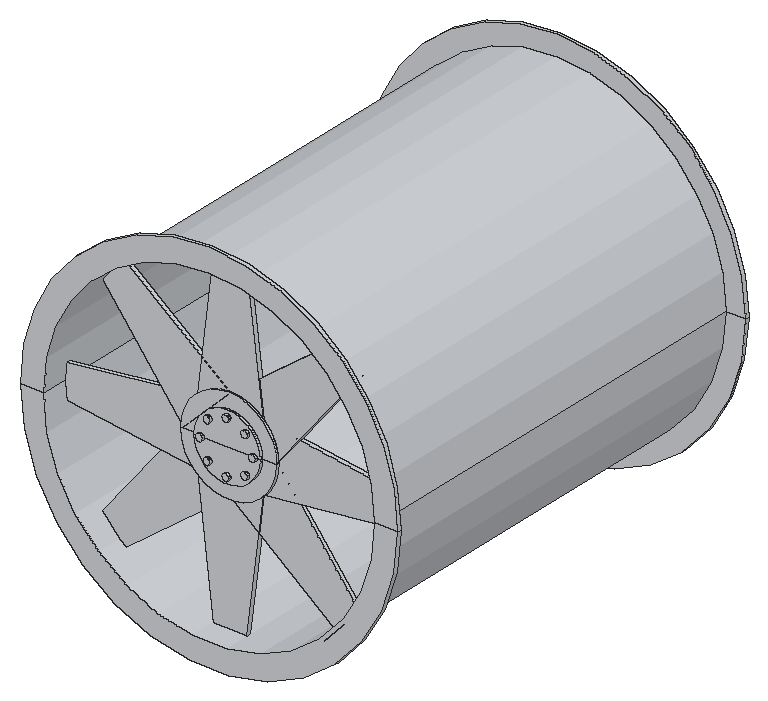
Revit family "CADS_Vent-Axia_MechEquip_Fan_BIFA_500_3Ph2P - SUPPLY", category Mechanical Equipment, Revit 2020
Family settings
  Round Connector Dimension = Use Diameter
  Part Type = Normal
  OmniClass Number = 23.75.00.00
  OmniClass Title = Climate Control (HVAC)
  Work Plane-Based = No
  Always vertical = Yes
  Cut with Voids When Loaded = No
  Shared = No
  Room Calculation Point = No
Parameters (values of type "BIFA503240")
  WorkingPressure = 0.0 Pa
  WarrantyStartDate [instance] = "1900-12-31T23:59:59"
  WarrantyPeriod = ""
  WarrantyIdentifier = "N/A"
  WarrantyGuarantorParts = "tech@vent-axia.com"
  WarrantyGuarantorLabor = "tech@vent-axia.com"
  WarrantyGuarantor = "Vent-Axia Limited"
  WarrantyEndDate [instance] = "1900-12-31T23:59:59"
  WarrantyContent = ""
  TemperatureRange = ""
  TagNumber [instance] = "N/A"
  SustainabilityPerformance = ""
  Status = "New"
  Size = ""
  Shape = ""
  ServiceLifeType = ""
  ServiceLifeDuration = ""
  SerialNumber [instance] = "N/A"
  ReplacementCost = ""
  RatedVoltage = 0 V
  RatedCurrent = 0 A
  Quantity = 1
  ProductionYear = ""
  PressureCurve = ""
  PowerFactor = ""
  PointOfContact = ""
  NumberOfPoles = 0
  NominalWidth = 500 mm
  NominalLength = 660 mm
  NominalHeight = 500 mm
  NominalFrequencyRange = ""
  NominalDiameter = 500 mm
  ModelReference = "BIF 500MM 3PH 2P 40DEG"
  ModelNumber = "BIFA503240"
  Material = ""
  ManufacturerE-Mail = "tech@vent-axia.com"
  ManufacturerAddress = "Fleming Way\nCrawley \nRH10 9YX"
  IsExtendedWarranty = no
  InsulationStandardClass = ""
  InstallationDate [instance] = "1900-12-31T23:59:59"
  IfcExportType [instance] = ""
  IfcExportAs = "IfcFanType"
  IP_Code = ""
  HasProtectiveEarth = no
  GrossWeight = 0.00 kg
  Grade = ""
  GlobalTradeItemNumber [instance] = "N/A"
  Fitting Type = "Ignore"
  Finish = ""
  Features = ""
  ExteriorInsulation = no
  ExpectedServiceLife = 0
  Exclusions = ""
  DurationUnit = "Year"
  Default Elevation = 0 mm
  Constituents = ""
  ConductorFunction = ""
  Color = ""
  CodePerformance = ""
  Category = ""
  CADS_Usage = 0
  CADS_Index = 0
  AssetType = "FIXED"
  AssetIdentifier [instance] = "N/A"
  AssemblyPlace = "UNKNOWN"
  ArticleNumber [instance] = "N/A"
  AirflowRateRange = 0.0 L/s
  Air Flow [instance] = 0.0 L/s
  AccessibilityPerformance = ""
Types (15, lengths in mm): name | ModelReference | ModelNumber
  BIFA503210 | "BIF 500MM 3PH 2P 10DEG" | "BIFA503210"
  BIFA503212 | "BIF 500MM 3PH 2P 12DEG" | "BIFA503212"
  BIFA503214 | "BIF 500MM 3PH 2P 14DEG" | "BIFA503214"
  BIFA503218 | "BIF 500MM 3PH 2P 18DEG" | "BIFA503218"
  BIFA503220 | "BIF 500MM 3PH 2P 20DEG" | "BIFA503220"
  BIFA503222 | "BIF 500MM 3PH 2P 22DEG" | "BIFA503222"
  BIFA503224 | "BIF 500MM 3PH 2P 24DEG" | "BIFA503224"
  BIFA503226 | "BIF 500MM 3PH 2P 26DEG" | "BIFA503226"
  BIFA503228 | "BIF 500MM 3PH 2P 28DEG" | "BIFA503228"
  BIFA503230 | "BIF 500MM 3PH 2P 30DEG" | "BIFA503230"
  BIFA503232 | "BIF 500MM 3PH 2P 32DEG" | "BIFA503232"
  BIFA503234 | "BIF 500MM 3PH 2P 34DEG" | "BIFA503234"
  BIFA503236 | "BIF 500MM 3PH 2P 36DEG" | "BIFA503236"
  BIFA503238 | "BIF 500MM 3PH 2P 38DEG" | "BIFA503238"
  BIFA503240 | "BIF 500MM 3PH 2P 40DEG" | "BIFA503240"
Reference planes
  plane 1 "Center (Front/Back)": y = 0
  plane 2: z = 0
  plane 3 "Center (Left/Right)": x = 0
  plane 4: x = -250
  plane 5: x = 250
  plane 6 "F": y = -330
  plane 7 "B": y = 330
  plane 8: x = -285
  plane 9: y = 325
  plane 10: y = -325
  plane 11: x = -255
  plane 12: y = -290
Forms (mm)
  Revolve 1, solid
    sketch origin (0, 0, 0) x (1, 0, 0) y (0, 1, 0)
      loop
        line (-285, -330) -> (-250, -330) -> (-250, 330) -> (-285, 330) -> (-285, 325) -> (-255, 325) -> (-255, -325) -> (-285, -325) -> (-285, -330)
      axis (0, 330) -> (0, -330)
    angle from 0 to 360
Dimensions and locks
  equal spacing: plane 4, plane 3 "Center (Left/Right)", plane 5
  equal spacing: plane 7 "B", plane 1 "Center (Front/Back)", plane 6 "F"
  "NominalLength": plane 7 "B" to plane 6 "F"
  "NominalDiameter": plane 4 to plane 5
  locked: plane 11 to plane 4 at 5
  locked: plane 8 to plane 11 at 30
  locked: plane 6 "F" to plane 10 at 5
  locked: plane 7 "B" to plane 9 at 5
  locked: plane 6 "F" to plane 12 at 40
  aligned and locked: level to plane 2
  aligned and locked: nested 1 to plane 12
Automatic sketch dimensions
  plane 6 "F" to Revolve 1 sketch curve = 0 mm
  Revolve 1 sketch curve to plane 8 = 0 mm  (x2)
  plane 10 to Revolve 1 sketch curve = 0 mm
  Revolve 1 sketch curve to plane 11 = 0 mm
  Revolve 1 sketch curve to plane 4 = 0 mm
  Revolve 1 sketch curve to plane 3 "Center (Left/Right)" = 0 mm
  plane 1 "Center (Front/Back)" to Revolve 1 sketch curve = 0 mm
  Revolve 1 sketch curve to plane 9 = 0 mm
  Revolve 1 sketch curve to plane 7 "B" = 0 mm
  plane 6 "F" to Revolve 1 sketch curve = 115 mm
Nested families
  nested 1: "Fan for BIFA" at (0, -290, 0), ND <- "NominalDiameter", type "Fan for BIFA"
    with hub 50 mm, ND 500 mm, BoltPCD 40 mm, Bolt Count 8, B_Diam 10 mm
  nested 2: "Bolts" at (0, -299.172, -40) x (-1, 0, 0) z (0, 1, 0), type "Bolts"
    with bd 10 mm
  nested 3: "Bolts" at (-28.284, -299.172, -28.284) x (-0.7071, 0, 0.7071) z (0, 1, 0), type "Bolts"
    with bd 10 mm
  nested 4: "Bolts" at (-40, -299.172, 0) x (0, 0, 1) z (0, 1, 0), type "Bolts"
    with bd 10 mm
  nested 5: "Bolts" at (-28.284, -299.172, 28.284) x (0.7071, 0, 0.7071) z (0, 1, 0), type "Bolts"
    with bd 10 mm
  nested 6: "Bolts" at (28.284, -299.172, 28.284) x (0.7071, 0, -0.7071) z (0, 1, 0), type "Bolts"
    with bd 10 mm
  nested 7: "Bolts" at (0, -299.172, 40) x (1, 0, 0) z (0, 1, 0), type "Bolts"
    with bd 10 mm
  nested 8: "BIFA Blade" at (0, -290, 0), type "BIFA Blade"
    with a 20.00°, HR 50 mm, HD 100 mm, BT 50 mm, BR 200 mm, BH 40 mm, BD 500 mm, BB 100 mm
  nested 9: "BIFA Blade" at (0, -290, 0) x (0.7071, 0, -0.7071) z (0.7071, 0, 0.7071), type "BIFA Blade"
    with a 20.00°, HR 50 mm, HD 100 mm, BT 50 mm, BR 200 mm, BH 40 mm, BD 500 mm, BB 100 mm
  nested 10: "BIFA Blade" at (0, -290, 0) x (0, 0, -1) z (1, 0, 0), type "BIFA Blade"
    with a 20.00°, HR 50 mm, HD 100 mm, BT 50 mm, BR 200 mm, BH 40 mm, BD 500 mm, BB 100 mm
  nested 11: "BIFA Blade" at (0, -290, 0) x (-0.7071, 0, -0.7071) z (0.7071, 0, -0.7071), type "BIFA Blade"
    with a 20.00°, HR 50 mm, HD 100 mm, BT 50 mm, BR 200 mm, BH 40 mm, BD 500 mm, BB 100 mm
  nested 12: "BIFA Blade" at (0, -290, 0) x (-1, 0, 0) z (0, 0, -1), type "BIFA Blade"
    with a 20.00°, HR 50 mm, HD 100 mm, BT 50 mm, BR 200 mm, BH 40 mm, BD 500 mm, BB 100 mm
  nested 13: "BIFA Blade" at (0, -290, 0) x (-0.7071, 0, -0.7071) z (-0.7071, 0, 0.7071), type "BIFA Blade"
    with a 20.00°, HR 50 mm, HD 100 mm, BT 50 mm, BR 200 mm, BH 40 mm, BD 500 mm, BB 100 mm
  nested 14: "BIFA Blade" at (0, -290, 0) x (0, 0, -1) z (-1, 0, 0), type "BIFA Blade"
    with a 20.00°, HR 50 mm, HD 100 mm, BT 50 mm, BR 200 mm, BH 40 mm, BD 500 mm, BB 100 mm
  nested 15: "BIFA Blade" at (0, -290, 0) x (0.7071, 0, -0.7071) z (-0.7071, 0, -0.7071), type "BIFA Blade"
    with a 20.00°, HR 50 mm, HD 100 mm, BT 50 mm, BR 200 mm, BH 40 mm, BD 500 mm, BB 100 mm
  nested 16: "Bolts" at (40, -299.172, 0) x (0, 0, -1) z (0, 1, 0), type "Bolts"
    with bd 10 mm
  nested 17: "Bolts" at (28.284, -299.172, -28.284) x (-0.7071, 0, -0.7071) z (0, 1, 0), type "Bolts"
    with bd 10 mm
Connectors
  hvac at (0, -330, 0), driven by "NominalDiameter", driven by "Air Flow"
    settings: on Revolve 1, index 1, duct flow 0.0 L/s, flow factor 0, pres drop 0.0 Pa, loss coef 0, conn angle 0.00°, conn width 304.8 mm, conn height 304.8 mm, conn diameter 500 mm, duct sys type 1, conn prof type 0, flow config 1, flow direction 1, loss method 0, conn ref index -1, conn util no, is conn primary yes, conn desc ""
  hvac at (0, 330, 0), driven by "NominalDiameter", driven by "Air Flow"
    settings: on Revolve 1, index 2, duct flow 0.0 L/s, flow factor 0, pres drop 0.0 Pa, loss coef 0, conn angle 0.00°, conn width 304.8 mm, conn height 304.8 mm, conn diameter 500 mm, duct sys type 1, conn prof type 0, flow config 0, flow direction 2, loss method 0, conn ref index -1, conn util no, is conn primary no, conn desc ""
Definition of nested family "Fan for BIFA"
  Parameters (values of type "Fan for BIFA")
    hub [instance] = ND / 10  # 50 mm
    ND [instance] = 500 mm
    Model = "."
    Default Elevation = 0 mm
    BoltPCD [instance] = hub - (hub * 0.2)  # 40 mm
    Bolt Count [instance] = if(hub < 50 mm, 6, 8)  # 8
    B_Diam [instance] = if(hub < 50 mm, 5 mm, 10 mm)  # 10 mm
  Reference planes
    plane 1 "Center (Front/Back)": y = 0
    plane 2: z = 0
    plane 3 "Center (Left/Right)": x = 0
    plane 4 "back": y = 20
    plane 5 "bolts": y = -9.172
    plane 6 "B": z = 50
    plane 7: x = -72.587
    plane 8: x = -50
    plane 9 "hubface": y = -6.172
  Forms (mm)
    Revolve 1, solid
      sketch origin (0, 0, 0) x (1, 0, 0) y (0, 1, 0)
        loop
          line (0, 20) -> (-50, 20) -> (-50, 10.504) -> (-72.587, 10.504) -> (-72.587, -2.597) -> (-50, -2.597) -> (-50, -6.172) -> (0, -6.172) -> (0, 20)
        axis (0, 20) -> (0, -6.172)
      angle from 0 to 360
    Extrusion 2, solid, not visible
      sketch origin (0, -6.347, -4) x (-1, 0, 0) y (0, 0, 1)
        loop
          circle (0, 84) r 5
      from 0 to 3
  Lines and regions (mm)
    symbolic lines
      curve 1: circle (0, -9.172, 0) r 40 normal (0, 1, 0)
    model lines, not visible
      curve 2: line (0, -6.347, 85) -> (0, -6.347, 75)
  Dimensions and locks
    "hub": plane 6 "B" to plane 2
    "hub": nested 3 to plane 3 "Center (Left/Right)"
    "hub": nested 4 to plane 3 "Center (Left/Right)"
    "hub": nested 5 to plane 3 "Center (Left/Right)"
    "hub": plane 3 "Center (Left/Right)" to nested 6
    "hub": Revolve 1 sketch curve to Revolve 1 sketch curve
    "hub": plane 3 "Center (Left/Right)" to nested 7
    "hub": plane 3 "Center (Left/Right)" to nested 8
    "hub": plane 3 "Center (Left/Right)" to nested 9
    "hub": plane 8 to plane 3 "Center (Left/Right)"
    plane 7 to plane 8 = 22.587 mm
    diameter of Extrusion 2 sketch curve = 10 mm
    "BoltPCD": radius of curve 1
    "BoltPCD": radius of radial array
    aligned and locked: level to plane 2
    aligned and locked: plane 6 "B" to nested 1
  Automatic sketch dimensions
    Revolve 1 sketch curve to plane 7 = 0 mm
    Revolve 1 sketch curve to plane 8 = 0 mm  (x2)
    Revolve 1 sketch curve to plane 3 "Center (Left/Right)" = 0 mm
    Revolve 1 sketch curve to plane 9 "hubface" = 0 mm
    plane 4 "back" to Revolve 1 sketch curve = 0 mm
    plane 1 "Center (Front/Back)" to Revolve 1 sketch curve = 2.597 mm
    plane 4 "back" to Revolve 1 sketch curve = 9.496 mm
    plane 4 "back" to Revolve 1 sketch curve = 5 mm
    Revolve 1 sketch curve to Revolve 1 sketch curve = 45 mm
    curve 1 to level = 0 mm
    curve 1 to plane 3 "Center (Left/Right)" = 0 mm
  Nested families
    nested 1: "BIFA Blade" at (0, 0, 25), BD <- "ND", HD <- "hub", type "BIFA Blade"
      with a 20.00°, HR 25 mm, HD 50 mm, BT 25 mm, BR 100 mm, BH 40 mm, BD 250 mm, BB 50 mm
    nested 2: "BIFA Blade" at (0, 0, 55), BD <- "ND", HD <- "hub", type "BIFA Blade", not visible
      with a 20.00°, HR 25 mm, HD 50 mm, BT 25 mm, BR 100 mm, BH 40 mm, BD 250 mm, BB 50 mm
    nested 3: "BIFA Blade" at (17.678, 0, 17.678) x (0.7071, 0, -0.7071) z (0.7071, 0, 0.7071), BD <- "ND", HD <- "hub", type "BIFA Blade"
      with a 20.00°, HR 25 mm, HD 50 mm, BT 25 mm, BR 100 mm, BH 40 mm, BD 250 mm, BB 50 mm
    nested 4: "BIFA Blade" at (25, 0, 0) x (0, 0, -1) z (1, 0, 0), BD <- "ND", HD <- "hub", type "BIFA Blade"
      with a 20.00°, HR 25 mm, HD 50 mm, BT 25 mm, BR 100 mm, BH 40 mm, BD 250 mm, BB 50 mm
    nested 5: "BIFA Blade" at (17.678, 0, -17.678) x (-0.7071, 0, -0.7071) z (0.7071, 0, -0.7071), BD <- "ND", HD <- "hub", type "BIFA Blade"
      with a 20.00°, HR 25 mm, HD 50 mm, BT 25 mm, BR 100 mm, BH 40 mm, BD 250 mm, BB 50 mm
    nested 6: "BIFA Blade" at (0, 0, -25) x (-1, 0, 0) z (0, 0, -1), BD <- "ND", HD <- "hub", type "BIFA Blade"
      with a 20.00°, HR 25 mm, HD 50 mm, BT 25 mm, BR 100 mm, BH 40 mm, BD 250 mm, BB 50 mm
    nested 7: "BIFA Blade" at (-17.678, 0, 17.678) x (-0.7071, 0, -0.7071) z (-0.7071, 0, 0.7071), BD <- "ND", HD <- "hub", type "BIFA Blade"
      with a 20.00°, HR 25 mm, HD 50 mm, BT 25 mm, BR 100 mm, BH 40 mm, BD 250 mm, BB 50 mm
    nested 8: "BIFA Blade" at (-25, 0, 0) x (0, 0, -1) z (-1, 0, 0), BD <- "ND", HD <- "hub", type "BIFA Blade"
      with a 20.00°, HR 25 mm, HD 50 mm, BT 25 mm, BR 100 mm, BH 40 mm, BD 250 mm, BB 50 mm
    nested 9: "BIFA Blade" at (-17.678, 0, -17.678) x (0.7071, 0, -0.7071) z (-0.7071, 0, -0.7071), BD <- "ND", HD <- "hub", type "BIFA Blade"
      with a 20.00°, HR 25 mm, HD 50 mm, BT 25 mm, BR 100 mm, BH 40 mm, BD 250 mm, BB 50 mm
    nested 10: "Bolts" at (0, -9.172, 40) x (1, 0, 0) z (0, 1, 0), bd <- "B_Diam", type "Bolts"
      with bd 10 mm
    nested 11: "Bolts" at (28.284, -9.172, 28.284) x (0.7071, 0, -0.7071) z (0, 1, 0), bd <- "B_Diam", type "Bolts"
      with bd 10 mm
    nested 12: "Bolts" at (-28.284, -9.172, 28.284) x (0.7071, 0, 0.7071) z (0, 1, 0), bd <- "B_Diam", type "Bolts"
      with bd 10 mm
    nested 13: "Bolts" at (-40, -9.172, 0) x (0, 0, 1) z (0, 1, 0), bd <- "B_Diam", type "Bolts"
      with bd 10 mm
    nested 14: "Bolts" at (-28.284, -9.172, -28.284) x (-0.7071, 0, 0.7071) z (0, 1, 0), bd <- "B_Diam", type "Bolts"
      with bd 10 mm
    nested 15: "Bolts" at (0, -9.172, -40) x (-1, 0, 0) z (0, 1, 0), bd <- "B_Diam", type "Bolts"
      with bd 10 mm
    nested 16: "Bolts" at (28.284, -9.172, -28.284) x (-0.7071, 0, -0.7071) z (0, 1, 0), bd <- "B_Diam", type "Bolts"
      with bd 10 mm
    nested 17: "Bolts" at (40, -9.172, 0) x (0, 0, -1) z (0, 1, 0), bd <- "B_Diam", type "Bolts"
      with bd 10 mm
  Definition of nested family "BIFA Blade"
    Parameters (values of type "BIFA Blade")
      a [instance] = 20.00°
      HR [instance] = HD / 2  # 30 mm
      HD [instance] = BD / 5  # 60 mm
      Default Elevation = 1219.2 mm
      BT [instance] = BD / 10  # 30 mm
      BR [instance] = (BD / 2) - HR  # 120 mm
      BH [instance] = 40 mm
      BD [instance] = 300 mm
      BB [instance] = BD / 5  # 60 mm
    Reference planes
      plane 1 "Center (Front/Back)": y = 0
      plane 2: z = 0
      plane 3 "Center (Left/Right)": x = 0
      plane 4 "Blade Bot": z = 30
      plane 5: x = -30
      plane 6: x = 30
      plane 7: x = -15
      plane 8: x = 15
    Forms (mm)
      Blend 1, solid
        base sketch origin (0, 0, 30) x (-1, 0, 0) y (0, -1, 0)
          loop
            line (30, 0) -> (-30, 0) -> (-30, -6) -> (30, -6) -> (30, 0)
        top sketch origin (0, 0, 30) x (-1, 0, 0) y (0, -1, 0)
          loop
            line (15, -6) -> (15, 0) -> (-15, 0) -> (-15, -6) -> (15, -6)
        from 0 to 120 <- "BR"
    Dimensions and locks
      "HR": plane 4 "Blade Bot" to level
      equal spacing: plane 8, plane 3 "Center (Left/Right)", plane 7
      "BT": plane 8 to plane 7
      equal spacing: plane 6, plane 3 "Center (Left/Right)", plane 5
      "BB": plane 6 to plane 5
      aligned and locked: level to plane 2
    Automatic sketch dimensions
      plane 1 "Center (Front/Back)" to Blend 1 sketch curve = 0 mm  (x2)
      Blend 1 sketch curve to plane 6 = 0 mm
      Blend 1 sketch curve to plane 5 = 0 mm
      Blend 1 sketch curve to plane 1 "Center (Front/Back)" = 6 mm  (x2)
      Blend 1 sketch curve to plane 8 = 0 mm
      Blend 1 sketch curve to plane 7 = 0 mm
  Definition of nested family "Bolts"
    Parameters
      bd [instance] = 10 mm
      Default Elevation = 1219.2 mm
    Reference planes
      plane 1 "Center (Front/Back)": y = 0
      plane 2: z = 0
      plane 3 "Center (Left/Right)": x = 0
    Forms (mm)
      Extrusion 1, solid
        sketch origin (0, 0, 0) x (1, 0, 0) y (0, 1, 0)
          loop
            line (-1219.2, 1219.2) -> (-1219.2, -1219.2) -> (1219.2, -1219.2) -> (1219.2, 1219.2) -> (-1219.2, 1219.2)
        from 0 to -304.8
      Extrusion 2, solid
        sketch origin (0, 0, 0) x (1, 0, 0) y (0, 1, 0)
          loop
            circle (0, 0) r 5
        from 0 to 3
    Dimensions and locks
      "bd": diameter of Extrusion 2 sketch curve
      aligned and locked: plane 2 to Extrusion 1
      aligned and locked: level to Extrusion 1
    Automatic sketch dimensions
      Extrusion 1 sketch curve to Extrusion 1 sketch curve = 2438.4 mm  (x2)
      plane 1 "Center (Front/Back)" to Extrusion 2 sketch curve = 0 mm
      Extrusion 2 sketch curve to plane 3 "Center (Left/Right)" = 0 mm
Definition of nested family "Bolts"
  Parameters
    bd [instance] = 10 mm
    Default Elevation = 1219.2 mm
  Reference planes
    plane 1 "Center (Front/Back)": y = 0
    plane 2: z = 0
    plane 3 "Center (Left/Right)": x = 0
  Forms (mm)
    Extrusion 1, solid
      sketch origin (0, 0, 0) x (1, 0, 0) y (0, 1, 0)
        loop
          line (-1219.2, 1219.2) -> (-1219.2, -1219.2) -> (1219.2, -1219.2) -> (1219.2, 1219.2) -> (-1219.2, 1219.2)
      from 0 to -304.8
    Extrusion 2, solid
      sketch origin (0, 0, 0) x (1, 0, 0) y (0, 1, 0)
        loop
          circle (0, 0) r 5
      from 0 to 3
  Dimensions and locks
    "bd": diameter of Extrusion 2 sketch curve
    aligned and locked: plane 2 to Extrusion 1
    aligned and locked: level to Extrusion 1
  Automatic sketch dimensions
    Extrusion 1 sketch curve to Extrusion 1 sketch curve = 2438.4 mm  (x2)
    plane 1 "Center (Front/Back)" to Extrusion 2 sketch curve = 0 mm
    Extrusion 2 sketch curve to plane 3 "Center (Left/Right)" = 0 mm
Definition of nested family "BIFA Blade"
  Parameters (values of type "BIFA Blade")
    a [instance] = 20.00°
    HR [instance] = HD / 2  # 30 mm
    HD [instance] = BD / 5  # 60 mm
    Default Elevation = 1219.2 mm
    BT [instance] = BD / 10  # 30 mm
    BR [instance] = (BD / 2) - HR  # 120 mm
    BH [instance] = 40 mm
    BD [instance] = 300 mm
    BB [instance] = BD / 5  # 60 mm
  Reference planes
    plane 1 "Center (Front/Back)": y = 0
    plane 2: z = 0
    plane 3 "Center (Left/Right)": x = 0
    plane 4 "Blade Bot": z = 30
    plane 5: x = -30
    plane 6: x = 30
    plane 7: x = -15
    plane 8: x = 15
  Forms (mm)
    Blend 1, solid
      base sketch origin (0, 0, 30) x (-1, 0, 0) y (0, -1, 0)
        loop
          line (30, 0) -> (-30, 0) -> (-30, -6) -> (30, -6) -> (30, 0)
      top sketch origin (0, 0, 30) x (-1, 0, 0) y (0, -1, 0)
        loop
          line (15, -6) -> (15, 0) -> (-15, 0) -> (-15, -6) -> (15, -6)
      from 0 to 120 <- "BR"
  Dimensions and locks
    "HR": plane 4 "Blade Bot" to level
    equal spacing: plane 8, plane 3 "Center (Left/Right)", plane 7
    "BT": plane 8 to plane 7
    equal spacing: plane 6, plane 3 "Center (Left/Right)", plane 5
    "BB": plane 6 to plane 5
    aligned and locked: level to plane 2
  Automatic sketch dimensions
    plane 1 "Center (Front/Back)" to Blend 1 sketch curve = 0 mm  (x2)
    Blend 1 sketch curve to plane 6 = 0 mm
    Blend 1 sketch curve to plane 5 = 0 mm
    Blend 1 sketch curve to plane 1 "Center (Front/Back)" = 6 mm  (x2)
    Blend 1 sketch curve to plane 8 = 0 mm
    Blend 1 sketch curve to plane 7 = 0 mm
